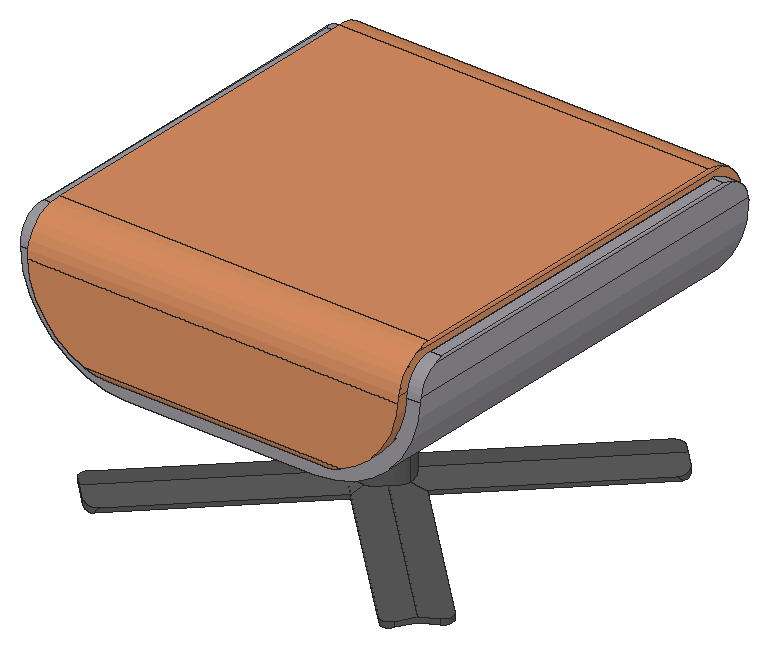
Revit family "Haworth_BuzziMe_Ottoman", category Furniture, Revit 2018
Family settings
  OmniClass Number = 23.40.20.00
  OmniClass Title = General Furniture and Specialties
  Work Plane-Based = No
  Always vertical = Yes
  Cut with Voids When Loaded = No
  Shared = No
  Room Calculation Point = No
Parameters (values of type "HCBZ-MEF-2")
  Warranty = "http://www.haworth.com/resources/product-info/warranties"
  URL - Product = "https://www.haworth.com/products/seating/acoustic-seating/buzzime"
  URL = "http://www.haworth.com/our-brands/haworth-collection"
  Size = "Verify Final Dim. w/ Haworth"  # constant formula
  Revision = "1"  # constant formula
  Outer Upholstery Finish [instance] = Haworth _ Fabric _ Kvadrat Remix 2_BRX-143
  Model = "HCBZ-MEF-2"  # constant formula
  Manufacturer = "Haworth"  # constant formula
  Inner Upholstery Finish [instance] = Haworth _ Fabric _ Kvadrat Remix 2_BRX-543
  Description = "Haworth Buzzi Me Ottoman"  # constant formula
  Base Finish [instance] = Haworth _ Paint _ Umbra Grey
  Author = "Haworth (Alias)"  # constant formula
  Assembly Code = "E2020200"
  Actual Width = 28.14844"  # constant formula
  Actual Height = 17.51953"  # constant formula
  Actual Depth = 26.375"  # constant formula
Reference planes (in)
  plane 1: z = 0
  plane 2 "Center Left/Right": x = 0
  plane 3 "Left": x = -14.07422
  plane 4 "Right": x = 14.07422
  plane 5 "Base Angle": through (480, -10.58312, 8.67287) normal (0, 0.0523, 0.9986)
  plane 6 "Bottom Seat": z = 8.6974
  plane 7: z = 17.51953
  plane 8 "Back": y = 10.34998
  plane 9 "Front": y = -16.02502
  plane 10 "Center FB": y = -2.83752
Forms (in)
  Extrusion 1, solid, material "Haworth _ Paint _ Umbra Grey" <- "Base Finish"
    sketch origin (-12.53391, -12.53391, 0) x (-0.707107, 0.707107, 0) y (0, 0, 1)
      loop
        line (-2.01696, 0.66827) -> (-0.08011, 0.35433) -> (-0.02972, 0.66523) -> (-2.01696, 0.98734) -> (-4.0042, 0.66523) -> (-3.9538, 0.35433) -> (-2.01696, 0.66827)
    from 0 to 31.41732
  Extrusion 2, solid, material "Haworth _ Paint _ Umbra Grey" <- "Base Finish"
    sketch origin (12.53391, -12.53391, 0) x (0.707107, 0.707107, 0) y (0, 0, -1)
      loop
        line (-2.01696, -0.66827) -> (-3.9538, -0.35433) -> (-4.0042, -0.66523) -> (-2.01696, -0.98734) -> (-0.02972, -0.66523) -> (-0.08011, -0.35433) -> (-2.01696, -0.66827)
    from 0 to 31.41732
  Extrusion 3, solid, material "Haworth _ Paint _ Umbra Grey" <- "Base Finish"
    sketch origin (0, 0, 0) x (1, 0, 0) y (0, 1, 0)
      loop
        circle (0, -2.85241) r 1.73228
    from 0.66827 to 8.3733
  Sweep 4, solid, material "Haworth _ Fabric _ Kvadrat Remix 2_BRX-143" <- "Outer Upholstery Finish"
    path origin (0, 0, 0) x (0, 1, 0) y (0, 0, 1)
      loop
        line (-16.9508, 8.6974) -> (11.25236, 8.6974)
    profile origin (0, -2.84922, 8.6974) x (0, 0, 1) y (1, 0, 0)
      loop
        line (0.00142, 6.20953) -> (0.00142, -6.20953)
        arc (0.00142, -6.20953) -> (2.04595, -11.14547) -> (6.98189, -13.19) r 6.98047
        line (6.98189, -13.19) -> (8.46176, -13.19)
        arc (8.46176, -13.19) -> (8.54738, -13.15453) -> (8.58285, -13.06891) r 0.12109
        line (8.58285, -13.06891) -> (8.58285, -12.32972)
        arc (8.58285, -12.32972) -> (8.54765, -12.24473) -> (8.46266, -12.20953) r 0.12019
        line (8.46266, -12.20953) -> (6.98189, -12.20953)
        arc (6.98189, -12.20953) -> (2.73924, -10.45217) -> (0.98189, -6.20953) r 6
        line (0.98189, -6.20953) -> (0.98189, 6.20953)
        arc (0.98189, 6.20953) -> (2.73924, 10.45217) -> (6.98189, 12.20953) r 6
        line (6.98189, 12.20953) -> (8.46266, 12.20953)
        arc (8.46266, 12.20953) -> (8.54765, 12.24473) -> (8.58285, 12.32972) r 0.12019
        line (8.58285, 12.32972) -> (8.58285, 13.06891)
        arc (8.58285, 13.06891) -> (8.54738, 13.15453) -> (8.46176, 13.19) r 0.12109
        line (8.46176, 13.19) -> (6.98189, 13.19)
        arc (6.98189, 13.19) -> (2.04595, 11.14547) -> (0.00142, 6.20953) r 6.98047
  Extrusion 5, void
    sketch origin (0, 0, 0) x (0, 1, 0) y (0, 0, 1)
      loop
        line (-16.29749, 8.42929) -> (-16.29749, 15.34377)
        arc (-16.29749, 15.34377) -> (-15.73001, 16.71379) -> (-14.35999, 17.28127) r 1.9375
        line (-14.35999, 17.28127) -> (8.67714, 17.28127)
        arc (8.67714, 17.28127) -> (10.04716, 16.71379) -> (10.61464, 15.34377) r 1.9375
        line (10.61464, 15.34377) -> (10.61464, 8.19882) -> (11.86464, 8.19882) -> (11.86464, 20.03127) -> (-17.54749, 20.03127) -> (-17.54749, 8.42929) -> (-16.29749, 8.42929)
    from -18 to 18
  Sweep 6, solid, material "Haworth _ Fabric _ Kvadrat Remix 2_BRX-543" <- "Inner Upholstery Finish"
    path origin (0, 0, 0) x (0, 1, 0) y (0, 0, 1)
      loop
        line (-16.9508, 9.64228) -> (11.5492, 9.64228)
    profile origin (0, -2.7008, 9.64228) x (0, 0, 1) y (1, 0, 0)
      loop
        line (7.93027, 12.20953) -> (6.037, 12.20953)
        arc (6.037, 12.20953) -> (1.79436, 10.45217) -> (0.037, 6.20953) r 6
        line (0.037, 6.20953) -> (0.037, -6.20953)
        arc (0.037, -6.20953) -> (1.79436, -10.45217) -> (6.037, -12.20953) r 6
        line (6.037, -12.20953) -> (7.93178, -12.20953)
        arc (7.93178, -12.20953) -> (8.16932, -12.11114) -> (8.26772, -11.87359) r 0.33594
        line (8.26772, -11.87359) -> (8.26772, 11.87209)
        arc (8.26772, 11.87209) -> (8.16888, 12.1107) -> (7.93027, 12.20953) r 0.33744
  Extrusion 7, void
    sketch origin (0, 0, 0) x (0, 1, 0) y (0, 0, 1)
      loop
        line (-16.9508, 10.11158) -> (-16.9508, 15.22245)
        arc (-16.9508, 15.22245) -> (-16.19339, 17.05098) -> (-14.36486, 17.80839) r 2.58594
        line (-14.36486, 17.80839) -> (8.68202, 17.80839)
        arc (8.68202, 17.80839) -> (10.51055, 17.05098) -> (11.26795, 15.22245) r 2.58594
        line (11.26795, 15.22245) -> (11.26795, 10.11158)
        arc (11.26795, 10.11158) -> (11.1305, 9.77974) -> (10.79866, 9.64228) r 0.46929
        line (10.79866, 9.64228) -> (10.61464, 9.64228) -> (10.61464, 8.69882) -> (12.61464, 8.69882) -> (12.61464, 19.69882) -> (-18.29749, 19.69882) -> (-18.29749, 8.69882) -> (-16.29749, 8.69882) -> (-16.29749, 9.64228) -> (-16.4815, 9.64228)
        arc (-16.4815, 9.64228) -> (-16.81334, 9.77974) -> (-16.9508, 10.11158) r 0.46929
    from -18.28381 to 17.18625
  Extrusion 8, void
    sketch origin (0, 0, 0) x (1, 0, 0) y (0, 1, 0)
      loop
        line (-11.95611, -11.99814) -> (-12.05514, -11.89911) -> (-12.71974, -12.5637) -> (-9.7113, -15.57215) -> (-9.0467, -14.90755) -> (-9.14573, -14.80852)
        arc (-9.14573, -14.80852) -> (-9.70251, -15.03771) -> (-10.25929, -14.80852) r 0.79089
        line (-10.25929, -14.80852) -> (-11.95611, -13.1117)
        arc (-11.95611, -13.1117) -> (-12.1853, -12.55492) -> (-11.95611, -11.99814) r 0.79089
    from 0 to 1.63549
  Extrusion 9, void
    sketch origin (0, -5.70482, 0) x (1, 0, 0) y (0, 1, 0)
      loop
        arc (-11.95611, 11.99814) -> (-12.1853, 12.55492) -> (-11.95611, 13.1117) r 0.79089
        line (-11.95611, 13.1117) -> (-10.25929, 14.80852)
        arc (-10.25929, 14.80852) -> (-9.70251, 15.03771) -> (-9.14573, 14.80852) r 0.79089
        line (-9.14573, 14.80852) -> (-9.0467, 14.90755) -> (-9.7113, 15.57215) -> (-12.71974, 12.5637) -> (-12.05514, 11.89911) -> (-11.95611, 11.99814)
    from 0 to 1.63549
  Extrusion 10, void
    sketch origin (0, 0, 0) x (-1, 0, 0) y (0, -1, 0)
      loop
        arc (-11.95611, 11.99814) -> (-12.1853, 12.55492) -> (-11.95611, 13.1117) r 0.79089
        line (-11.95611, 13.1117) -> (-10.25929, 14.80852)
        arc (-10.25929, 14.80852) -> (-9.70251, 15.03771) -> (-9.14573, 14.80852) r 0.79089
        line (-9.14573, 14.80852) -> (-9.0467, 14.90755) -> (-9.7113, 15.57215) -> (-12.71974, 12.5637) -> (-12.05514, 11.89911) -> (-11.95611, 11.99814)
    from 0 to 1.63549
  Extrusion 11, void
    sketch origin (0, -5.70482, 0) x (-1, 0, 0) y (0, -1, 0)
      loop
        line (-11.95611, -11.99814) -> (-12.05514, -11.89911) -> (-12.71974, -12.5637) -> (-9.7113, -15.57215) -> (-9.0467, -14.90755) -> (-9.14573, -14.80852)
        arc (-9.14573, -14.80852) -> (-9.70251, -15.03771) -> (-10.25929, -14.80852) r 0.79089
        line (-10.25929, -14.80852) -> (-11.95611, -13.1117)
        arc (-11.95611, -13.1117) -> (-12.1853, -12.55492) -> (-11.95611, -11.99814) r 0.79089
    from 0 to 1.63549
  Extrusion 12, solid, material "Haworth _ Paint _ Umbra Grey" <- "Base Finish"
    sketch origin (0, 0, 8.6974) x (0, -1, 0) y (1, 0, 0)
      loop
        line (-5.05169, 6.45997) -> (-5.05169, -6.46163)
        arc (-5.05169, -6.46163) -> (-4.82106, -7.01841) -> (-4.26428, -7.24903) r 0.7874
        line (-4.26428, -7.24903) -> (-3.43873, -7.24903)
        arc (-3.43873, -7.24903) -> (-2.56246, -7.02883) -> (-1.89439, -6.42055) r 1.85361
        arc (-1.89439, -6.42055) -> (2.78783, -3.89647) -> (7.49037, -6.38247) r 5.64738
        arc (7.49037, -6.38247) -> (8.19801, -7.01895) -> (9.12154, -7.24903) r 1.9685
        line (9.12154, -7.24903) -> (9.91892, -7.24903)
        arc (9.91892, -7.24903) -> (10.46477, -7.03515) -> (10.72001, -6.50738) r 0.80347
        arc (10.72001, -6.50738) -> (10.73781, -6.08716) -> (10.72642, -5.66671) r 6.06276
        arc (10.72642, -5.66671) -> (10.46979, -4.75791) -> (9.85986, -4.03695) r 2.22881
        line (9.85986, -4.03695) -> (9.31486, -3.61817)
        arc (9.31486, -3.61817) -> (8.05037, -2.18217) -> (7.4219, -0.37495) r 4.97129
        arc (7.4219, -0.37495) -> (7.39542, 0) -> (7.4219, 0.37495) r 2.66764
        arc (7.4219, 0.37495) -> (8.05037, 2.18217) -> (9.31486, 3.61817) r 4.97129
        line (9.31486, 3.61817) -> (9.85986, 4.03695)
        arc (9.85986, 4.03695) -> (10.46979, 4.75791) -> (10.72642, 5.66671) r 2.22881
        arc (10.72642, 5.66671) -> (10.73781, 6.08716) -> (10.72001, 6.50738) r 6.06276
        arc (10.72001, 6.50738) -> (10.46477, 7.03515) -> (9.91892, 7.24903) r 0.80347
        line (9.91892, 7.24903) -> (9.12154, 7.24903)
        arc (9.12154, 7.24903) -> (8.19801, 7.01895) -> (7.49037, 6.38247) r 1.9685
        arc (7.49037, 6.38247) -> (2.78783, 3.89647) -> (-1.89439, 6.42055) r 5.64738
        arc (-1.89439, 6.42055) -> (-2.56246, 7.02883) -> (-3.43873, 7.24903) r 1.85361
        line (-3.43873, 7.24903) -> (-4.26262, 7.24903)
        arc (-4.26262, 7.24903) -> (-4.82058, 7.01792) -> (-5.05169, 6.45997) r 0.78906
    from -0.3241 to 0.03
Cuts and joins
  Extrusion 5, Extrusion 8 cuts Sweep 4
  Extrusion 7, Extrusion 8 cuts Sweep 6
  Extrusion 8, Extrusion 9, Extrusion 10, Extrusion 11 cuts Extrusion 1
  Extrusion 9, Extrusion 10, Extrusion 11 cuts Extrusion 2
Lines and regions (in)
  Masking region 1
    outline origin (0, 0, 0) x (1, 0, 0) y (0, 1, 0)
      loop
        arc (-13.19, -16.11536) -> (-13.14309, -16.2286) -> (-13.02984, -16.27551) r 0.16016
        line (-13.02984, -16.27551) -> (-12.24512, -16.27551) -> (-12.24512, -16.49236)
        arc (-12.24512, -16.49236) -> (-12.11728, -16.80098) -> (-11.80866, -16.92882) r 0.43646
        line (-11.80866, -16.92882) -> (11.80762, -16.92882)
        arc (11.80762, -16.92882) -> (12.11698, -16.80068) -> (12.24512, -16.49132) r 0.4375
        line (12.24512, -16.49132) -> (12.24512, -16.27551) -> (13.02984, -16.27551)
        arc (13.02984, -16.27551) -> (13.14309, -16.2286) -> (13.19, -16.11536) r 0.16016
        line (13.19, -16.11536) -> (13.19, 10.43059)
        arc (13.19, 10.43059) -> (13.14253, 10.5452) -> (13.02792, 10.59267) r 0.16208
        line (13.02792, 10.59267) -> (12.24512, 10.59267) -> (12.24512, 10.80848)
        arc (12.24512, 10.80848) -> (12.11698, 11.11784) -> (11.80762, 11.24598) r 0.4375
        line (11.80762, 11.24598) -> (-11.80866, 11.24598)
        arc (-11.80866, 11.24598) -> (-12.11728, 11.11814) -> (-12.24512, 10.80952) r 0.43646
        line (-12.24512, 10.80952) -> (-12.24512, 10.59267) -> (-13.02792, 10.59267)
        arc (-13.02792, 10.59267) -> (-13.14253, 10.5452) -> (-13.19, 10.43059) r 0.16208
        line (-13.19, 10.43059) -> (-13.19, -16.11536)
  symbolic lines, style "FurnitureHiddenLines"
    curve 1: line (0, -5.66279, 0) -> (9.14573, -14.80852, 0)
    curve 2: arc (9.14573, -14.80852, 0) -> (9.70251, -15.03915, 0) -> (10.25929, -14.80852, 0) r 0.7874
    curve 3: line (10.25929, -14.80852, 0) -> (11.95611, -13.1117, 0)
    curve 4: arc (11.95611, -13.1117, 0) -> (12.18674, -12.55492, 0) -> (11.95611, -11.99814, 0) r 0.7874
    curve 5: line (11.95611, -11.99814, 0) -> (2.81038, -2.85241, 0)
    curve 6: line (2.81038, -2.85241, 0) -> (11.95605, 6.29326, 0)
    curve 7: arc (11.95605, 6.29326, 0) -> (12.1867, 6.8501, 0) -> (11.95605, 7.40694, 0) r 0.78749
    curve 8: line (11.95605, 7.40694, 0) -> (10.25935, 9.10364, 0)
    curve 9: arc (10.25935, 9.10364, 0) -> (9.70258, 9.33427, 0) -> (9.1458, 9.10364, 0) r 0.7874
    curve 10: line (9.1458, 9.10364, 0) -> (0.00006, -0.04209, 0)
    curve 11: line (0.00006, -0.04209, 0) -> (-9.14573, 9.1037, 0)
    curve 12: arc (-9.14573, 9.1037, 0) -> (-9.70259, 9.33436, 0) -> (-10.25944, 9.10368, 0) r 0.78749
    curve 13: line (-10.25944, 9.10368, 0) -> (-11.95605, 7.40694, 0)
    curve 14: arc (-11.95605, 7.40694, 0) -> (-12.18669, 6.85009, 0) -> (-11.95603, 6.29324, 0) r 0.78752
    curve 15: line (-11.95603, 6.29324, 0) -> (-2.81038, -2.85241, 0)
    curve 16: line (-2.81038, -2.85241, 0) -> (-11.95611, -11.99814, 0)
    curve 17: arc (-11.95611, -11.99814, 0) -> (-12.18658, -12.55481, 0) -> (-11.95573, -13.11131, 0) r 0.78685
    curve 18: line (-11.95573, -13.11131, 0) -> (-10.25929, -14.80852, 0)
    curve 19: arc (-10.25929, -14.80852, 0) -> (-9.70251, -15.03922, 0) -> (-9.14573, -14.80852, 0) r 0.78722
    curve 20: line (-9.14573, -14.80852, 0) -> (0, -5.66279, 0)
Dimensions and locks (in)
  equal spacing: plane 3 "Left", plane 2 "Center Left/Right", plane 4 "Right"
  "Actual Width": plane 3 "Left" to plane 4 "Right"
  "Actual Height": plane 7 to plane 1
  "Actual Depth": plane 9 "Front" to plane 8 "Back"
  equal spacing: plane 8 "Back", plane 10 "Center FB", plane 9 "Front"
Automatic sketch dimensions
  level to Extrusion 1 sketch curve = 0.66523"  (x2)
  level to Extrusion 1 sketch curve = 0.35433"  (x2)
  Extrusion 1 sketch curve to Extrusion 1 sketch curve = 0.05039"  (x2)
  level to Extrusion 1 sketch curve = 0.66827"
  Extrusion 1 sketch curve to Extrusion 1 sketch curve = 1.93684"  (x2)
  level to Extrusion 1 sketch curve = 0.98734"
  Extrusion 1 sketch curve to Extrusion 1 sketch curve = 0.00"
  level to Extrusion 2 sketch curve = 0.66523"  (x2)
  level to Extrusion 2 sketch curve = 0.35433"  (x2)
  Extrusion 2 sketch curve to Extrusion 2 sketch curve = 0.05039"  (x2)
  level to Extrusion 2 sketch curve = 0.66827"
  Extrusion 2 sketch curve to Extrusion 2 sketch curve = 1.93684"  (x2)
  level to Extrusion 2 sketch curve = 0.98734"
  Extrusion 2 sketch curve to Extrusion 2 sketch curve = 0.00"
  Extrusion 3 sketch curve to plane 2 "Center Left/Right" = 0.00"
  plane 3 "Left" to Extrusion 8 sketch curve = 1.35448"
  Extrusion 8 sketch curve to Extrusion 8 sketch curve = 0.66459"
  Extrusion 8 sketch curve to Extrusion 8 sketch curve = 0.76362"
  Extrusion 8 sketch curve to Extrusion 8 sketch curve = 0.09903"  (x3)
  Extrusion 8 sketch curve to Extrusion 8 sketch curve = 0.5617"  (x2)
  Extrusion 8 sketch curve to Extrusion 8 sketch curve = 0.54799"  (x2)
  Extrusion 8 sketch curve to Extrusion 8 sketch curve = 0.55678"  (x2)
  Extrusion 9 sketch curve to plane 3 "Left" = 1.35448"
  Extrusion 9 sketch curve to Extrusion 9 sketch curve = 0.66459"  (x2)
  Extrusion 9 sketch curve to Extrusion 9 sketch curve = 0.76362"
  Extrusion 9 sketch curve to Extrusion 9 sketch curve = 0.09903"  (x2)
  Extrusion 9 sketch curve to Extrusion 9 sketch curve = 0.5617"  (x2)
  Extrusion 9 sketch curve to Extrusion 9 sketch curve = 1.69682"
  Extrusion 9 sketch curve to Extrusion 9 sketch curve = 0.54799"  (x2)
  Extrusion 9 sketch curve to Extrusion 9 sketch curve = 0.55678"  (x2)
  Extrusion 10 sketch curve to plane 4 "Right" = 1.35448"
  Extrusion 10 sketch curve to Extrusion 10 sketch curve = 0.66459"  (x2)
  Extrusion 10 sketch curve to Extrusion 10 sketch curve = 0.76362"
  Extrusion 10 sketch curve to Extrusion 10 sketch curve = 0.09903"  (x2)
  Extrusion 10 sketch curve to Extrusion 10 sketch curve = 0.5617"  (x2)
  Extrusion 10 sketch curve to Extrusion 10 sketch curve = 1.69682"
  Extrusion 10 sketch curve to Extrusion 10 sketch curve = 0.54799"  (x2)
  Extrusion 10 sketch curve to Extrusion 10 sketch curve = 0.55678"  (x2)
  plane 4 "Right" to Extrusion 11 sketch curve = 1.35448"
  Extrusion 11 sketch curve to Extrusion 11 sketch curve = 0.66459"  (x2)
  Extrusion 11 sketch curve to Extrusion 11 sketch curve = 0.76362"
  Extrusion 11 sketch curve to Extrusion 11 sketch curve = 0.09903"  (x2)
  Extrusion 11 sketch curve to Extrusion 11 sketch curve = 0.5617"  (x2)
  Extrusion 11 sketch curve to Extrusion 11 sketch curve = 1.69682"
  Extrusion 11 sketch curve to Extrusion 11 sketch curve = 0.54799"  (x2)
  Extrusion 11 sketch curve to Extrusion 11 sketch curve = 0.55678"  (x2)
  Extrusion 8 sketch curve to Extrusion 8 sketch curve = 1.69682"
  plane 3 "Left" to curve 16 = 2.11811"
  plane 3 "Left" to curve 13 = 2.11817"
  curve 14 to curve 15 = 0.00002"
  curve 16 to curve 18 = 0.00039"
  curve 16 to curve 17 = 0.55639"
  curve 15 to curve 14 = 0.55686"  (x2)
  curve 13 to curve 13 = 1.69661"
  curve 18 to curve 18 = 1.69644"
  curve 13 to curve 12 = 0.55686"
  curve 19 to curve 19 = 0.55678"
  curve 12 to curve 11 = 0.55684"
  curve 19 to curve 20 = 0.55678"
  curve 16 to plane 2 "Center Left/Right" = 2.81038"
  curve 1 to plane 2 "Center Left/Right" = 0.00"
  plane 2 "Center Left/Right" to curve 10 = 0.00006"
  plane 2 "Center Left/Right" to curve 5 = 2.81038"
  plane 4 "Right" to curve 1 = 4.92848"
  plane 4 "Right" to curve 10 = 4.92842"
  curve 2 to curve 2 = 0.55678"
  curve 10 to curve 9 = 0.55678"
  curve 2 to curve 3 = 0.55678"
  curve 9 to curve 8 = 0.55678"
  curve 9 to curve 7 = 1.69663"
  curve 2 to curve 4 = 1.69682"
  curve 7 to curve 8 = 0.55684"
  curve 7 to curve 6 = 0.55684"
  curve 4 to curve 5 = 0.55678"
  curve 4 to curve 3 = 0.55678"
  curve 19 to curve 19 = 0.55652"
  curve 3 to curve 2 = 0.55678"
  curve 3 to curve 3 = 1.69682"
  curve 19 to curve 18 = 1.69721"
  curve 3 to curve 4 = 0.55678"
  curve 18 to curve 17 = 0.55678"
  curve 6 to curve 7 = 0.55684"
  curve 7 to curve 9 = 1.69676"
  curve 14 to curve 12 = 1.69676"
  curve 9 to curve 10 = 0.55678"
  curve 20 to curve 5 = 2.81038"
  Sweep 4 sketch curve to plane 6 "Bottom Seat" = 0.00"
  Sweep 4 sketch curve to Sweep 4 sketch curve = 0.00"  (x4)
  Sweep 4 sketch curve to profile plane = 0.00142"
  Sweep 4 sketch curve to Sweep 4 sketch curve = 6.00"  (x2)
  Sweep 4 sketch curve to Sweep 4 sketch curve = 1.47987"  (x2)
  Sweep 4 sketch curve to Sweep 4 sketch curve = 0.0009"  (x2)
  Sweep 4 sketch curve to Sweep 4 sketch curve = 0.12109"
  Sweep 4 sketch curve to Sweep 4 sketch curve = 0.12019"
  Sweep 4 sketch curve to plane 2 "Center Left/Right" = 13.19"
  plane 2 "Center Left/Right" to Sweep 4 sketch curve = 6.20953"
  Sweep 4 sketch curve to Sweep 4 sketch curve = 0.73918"
  Extrusion 12 sketch curve to plane 2 "Center Left/Right" = 0.00"
  Extrusion 12 sketch curve to Extrusion 12 sketch curve = 0.7874"
  Extrusion 12 sketch curve to Extrusion 12 sketch curve = 0.78906"
  Extrusion 12 sketch curve to Extrusion 12 sketch curve = 0.8239"
  Extrusion 12 sketch curve to Extrusion 12 sketch curve = 0.82556"
  Extrusion 12 sketch curve to Extrusion 12 sketch curve = 3.82664"
  Extrusion 12 sketch curve to Extrusion 12 sketch curve = 0.61968"  (x2)
  Extrusion 12 sketch curve to Extrusion 12 sketch curve = 0.19332"  (x2)
  Extrusion 12 sketch curve to Extrusion 12 sketch curve = 0.545"  (x2)
  Extrusion 12 sketch curve to Extrusion 12 sketch curve = 0.79738"  (x2)
  Extrusion 12 sketch curve to Extrusion 12 sketch curve = 0.74819"
  plane 2 "Center Left/Right" to Extrusion 12 sketch curve = 0.32379"
  Extrusion 12 sketch curve to Extrusion 12 sketch curve = 2.28078"
  Extrusion 12 sketch curve to Extrusion 12 sketch curve = 0.00"  (x7)
  Extrusion 12 sketch curve to plane 2 "Center Left/Right" = 0.32379"
  Extrusion 12 sketch curve to Extrusion 12 sketch curve = 0.41878"  (x2)
  Extrusion 12 sketch curve to Extrusion 12 sketch curve = 1.24358"  (x2)
  Extrusion 12 sketch curve to plane 2 "Center Left/Right" = 5.39542"
  Extrusion 12 sketch curve to Extrusion 12 sketch curve = 0.52374"  (x2)
  Extrusion 12 sketch curve to Extrusion 12 sketch curve = 0.23663"  (x2)
  Extrusion 12 sketch curve to Extrusion 12 sketch curve = 0.77885"  (x2)
  Extrusion 12 sketch curve to Extrusion 12 sketch curve = 1.06621"
  Extrusion 12 sketch curve to Extrusion 12 sketch curve = 0.80347"  (x2)
  Extrusion 12 sketch curve to Extrusion 12 sketch curve = 3.5029"  (x2)
  plane 2 "Center Left/Right" to Extrusion 12 sketch curve = 3.61817"
  plane 2 "Center Left/Right" to Extrusion 12 sketch curve = 5.39542"
  Extrusion 12 sketch curve to Extrusion 12 sketch curve = 1.06455"
  plane 2 "Center Left/Right" to Extrusion 12 sketch curve = 0.37495"
  Sweep 6 sketch curve to profile plane = 0.037"
  Sweep 6 sketch curve to Sweep 6 sketch curve = 6.00"  (x2)
  Sweep 6 sketch curve to Sweep 6 sketch curve = 1.89477"
  Sweep 6 sketch curve to Sweep 6 sketch curve = 1.89327"
  Sweep 6 sketch curve to Sweep 6 sketch curve = 0.33744"
  Sweep 6 sketch curve to plane 2 "Center Left/Right" = 12.20953"
  plane 2 "Center Left/Right" to Sweep 6 sketch curve = 6.20953"
  Extrusion 5 sketch curve to plane 6 "Bottom Seat" = 0.49858"
  Extrusion 5 sketch curve to plane 6 "Bottom Seat" = 0.26811"
  plane 6 "Bottom Seat" to Extrusion 5 sketch curve = 6.64637"
  Extrusion 5 sketch curve to Extrusion 5 sketch curve = 2.75"
  Extrusion 7 sketch curve to Extrusion 7 sketch curve = 0.18402"
  plane 6 "Bottom Seat" to Extrusion 7 sketch curve = 0.00142"  (x2)
  plane 6 "Bottom Seat" to Extrusion 7 sketch curve = 0.94488"
  Extrusion 7 sketch curve to Extrusion 7 sketch curve = 0.94346"
  Extrusion 7 sketch curve to Extrusion 7 sketch curve = 5.11087"
  Extrusion 7 sketch curve to Extrusion 7 sketch curve = 1.89043"
  plane 6 "Bottom Seat" to Sweep 6 sketch curve = 0.94488"
  plane 3 "Left" to Masking region 1 sketch curve = 0.88422"
  Masking region 1 sketch curve to Masking region 1 sketch curve = 0.16016"
  Masking region 1 sketch curve to Masking region 1 sketch curve = 0.16208"  (x2)
  Masking region 1 sketch curve to Masking region 1 sketch curve = 0.78473"  (x2)
  Masking region 1 sketch curve to Masking region 1 sketch curve = 0.7828"  (x2)
  Masking region 1 sketch curve to Masking region 1 sketch curve = 0.43646"  (x2)
  plane 4 "Right" to Masking region 1 sketch curve = 2.2666"  (x2)
  curve 1 to curve 16 = 2.81038"
  curve 5 to curve 10 = 2.81032"
  Extrusion 12 sketch curve to Extrusion 12 sketch curve = 6.24947"  (x2)
  Extrusion 12 sketch curve to Extrusion 12 sketch curve = 1.86448"
  Extrusion 12 sketch curve to Extrusion 12 sketch curve = 2.81514"
  plane 7 to Extrusion 7 sketch curve = 0.28886"
  plane 8 "Back" to Sweep 4 sketch curve = 0.90237"
  Extrusion 5 sketch curve to plane 8 "Back" = 1.67284"
  plane 8 "Back" to Extrusion 5 sketch curve = 0.26466"
  Extrusion 5 sketch curve to Extrusion 5 sketch curve = 1.25"
  plane 8 "Back" to Sweep 6 sketch curve = 1.19922"
  Extrusion 7 sketch curve to plane 8 "Back" = 1.66797"
  plane 8 "Back" to Extrusion 7 sketch curve = 0.26466"
  plane 8 "Back" to Extrusion 7 sketch curve = 0.44868"
  Extrusion 7 sketch curve to Extrusion 7 sketch curve = 0.46929"
  Extrusion 7 sketch curve to Extrusion 7 sketch curve = 1.34669"
  plane 8 "Back" to Extrusion 9 sketch curve = 0.48266"
  Extrusion 11 sketch curve to plane 8 "Back" = 0.48266"
  Masking region 1 sketch curve to Masking region 1 sketch curve = 0.4375"  (x2)
  plane 8 "Back" to Masking region 1 sketch curve = 0.0806"  (x2)
  plane 8 "Back" to Masking region 1 sketch curve = 0.45849"
  Extrusion 12 sketch curve to plane 8 "Back" = 5.2983"
  Masking region 1 sketch curve to Masking region 1 sketch curve = 0.21581"
  Extrusion 5 sketch curve to plane 7 = 0.23826"
  Extrusion 5 sketch curve to Extrusion 5 sketch curve = 3.1875"
  Extrusion 7 sketch curve to plane 7 = 2.29708"
  Extrusion 7 sketch curve to Extrusion 7 sketch curve = 3.93263"
  curve 18 to plane 9 "Front" = 1.21649"
  curve 1 to plane 9 "Front" = 1.21649"
  Extrusion 3 sketch curve to plane 9 "Front" = 13.17261"
  plane 9 "Front" to Sweep 4 sketch curve = 0.92578"
  Extrusion 5 sketch curve to plane 9 "Front" = 1.66503"
  plane 9 "Front" to Sweep 6 sketch curve = 0.92578"
  Extrusion 7 sketch curve to plane 9 "Front" = 1.66016"
  Extrusion 8 sketch curve to plane 9 "Front" = 0.45287"
  plane 9 "Front" to Extrusion 10 sketch curve = 0.45287"
  plane 9 "Front" to Masking region 1 sketch curve = 0.09034"  (x2)
  radius of Extrusion 3 sketch curve = 1.73228"
